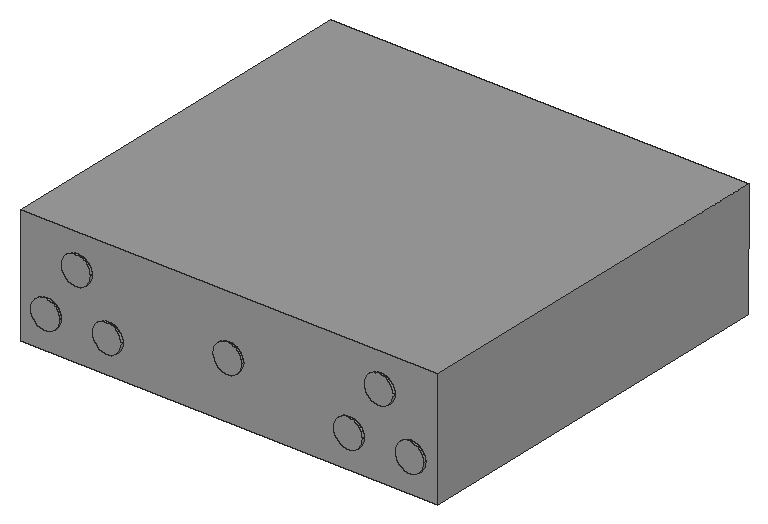
Revit family "Electrical_Equipment-Area_Controller-HCS-NXAC_Series", category Electrical Equipment, host Face, Revit 2014
Parameters (values of type "NXAC")
  zz Length 3 = 4.08"  # constant formula
  zz Length 2 = 14.51"  # constant formula
  zz Length 1 = 13.50"  # constant formula
  Weight = 8.44 kg  # constant formula
  Warranty = "Five-year limited"  # constant formula
  Voltage = "120V"
  URL = "https://www.hubbell.com/hubbellcontrolsolutions/en/"
  Type Comments = "Electrical Equipment"  # constant formula
  Relative Humidity = "0 to 95%"  # constant formula
  Product Page URL = "https://www.hubbell.com/hubbellcontrolsolutions/en/Products/Lighting-Controls/Lighting-Controls-Sensors/NX-Distributed-Intelligence-Lighting-Controls/NX-Area-Controller/p/220936"
  Product Documentation Link = "https://hubbellcdn.com/specsheet/3455A_NX_Area_Controller.pdf"
  Power Factor = 1
  Operating Temperature = "0°C to 40°C (32°F to 104°F)"  # constant formula
  Network Interface = "Ethernet 10 base-T via HubbNET™ network cable, integral 2-port Ethernet hub"  # constant formula
  Model = "NXAC Series"  # constant formula
  Manufacturer = "Hubbell Control Solutions"  # constant formula
  Load Classification = Power
  Keynote = ""
  Frequency = 60 Hz
  Device Material = Hubbell - Gray
  Description = "NX Area Controller"  # constant formula
  Default Elevation = 48.00"
  Create Date = "04/12/2018"  # constant formula
  Copyright = "Copyright © Hubbell Control Solutions"  # constant formula
  Contact Us = "https://www.hubbell.com/hubbellcontrolsolutions/en/contactUs?productId=220945"
  Construction = "NEMA1 metal enclosure"  # constant formula
  Connector Description 2 = "Controls"  # constant formula
  Connector Description 1 = "Power Supply"  # constant formula
  Certifications = "UL916, UL924 and cUL"  # constant formula
  Assembly Code = "D50"
  Apparent Load = 0.000 VA
Reference planes (in)
  plane 1 "Center (Front/Back)": y = 0
  plane 2 "Bottom": z = 0
  plane 3 "Center (Left/Right)": x = 0
  plane 4: y = 6.75
  plane 5: y = -6.75
  plane 6: x = -7.255
  plane 7: x = 7.255
  plane 8: z = 4.08
  plane 9: y = 5.25
  plane 10: y = -5.25
  plane 11: x = -5.755
  plane 12: x = 5.755
  plane 13: y = 6.8125
  plane 14: y = -6.8125
  plane 15: x = 3.45347
  plane 16: x = 4.95347
  plane 17: y = 2.125
  plane 18: y = -2.125
  plane 19: z = 2.04
  plane 20: z = 2.04
Forms (in)
  Extrusion 1, solid, material "Hubbell - Gray" <- "Device Material"
    sketch origin (0, 0, 0.09375) x (0, -1, 0) y (1, 0, 0)
      loop
        line (-6.75, -7.255) -> (6.75, -7.255) -> (6.75, 7.255) -> (-6.75, 7.255) -> (-6.75, -7.255)
    from -0.09375 to 3.98625
  Extrusion 2, solid, material "Hubbell - Gray" <- "Device Material", detail levels fine
    sketch origin (0, 0, 0) x (1, 0, 0) y (0, 0, 1)
      loop
        circle (0, 2.04) r 0.5
      loop
        circle (-5.26324, 2.92646) r 0.5
      loop
        circle (-6.33385, 1.18812) r 0.5
      loop
        circle (-4.19262, 1.18812) r 0.5
      loop
        circle (5.26324, 2.92646) r 0.5
      loop
        circle (6.33385, 1.18812) r 0.5
      loop
        circle (4.19262, 1.18812) r 0.5
    from 6.75 to 6.8125
  Extrusion 3, solid, material "Hubbell - Gray" <- "Device Material", detail levels fine
    sketch origin (0, 0, 0) x (1, 0, 0) y (0, 0, -1)
      loop
        circle (0, -2.04) r 0.5
      loop
        circle (-5.26324, -2.92646) r 0.5
      loop
        circle (-6.33385, -1.18812) r 0.5
      loop
        circle (-4.19262, -1.18812) r 0.5
      loop
        circle (5.26324, -2.92646) r 0.5
      loop
        circle (6.33385, -1.18812) r 0.5
      loop
        circle (4.19262, -1.18812) r 0.5
    from 6.75 to 6.8125
Lines and regions (in)
  model lines, style "NXAC", detail levels medium+fine
    curve 1: line (-5.755, 5.25, 4.08) -> (5.755, 5.25, 4.08)
    curve 2: line (-5.755, -5.25, 4.08) -> (-5.755, 5.25, 4.08)
    curve 3: line (5.755, -5.25, 4.08) -> (-5.755, -5.25, 4.08)
    curve 4: line (5.755, 5.25, 4.08) -> (5.755, -5.25, 4.08)
  model lines, style "NXAC", detail levels fine
    curve 5: line (3.45347, 2.125, 4.08) -> (4.95347, 2.125, 4.08)
    curve 6: line (3.45347, -2.125, 4.08) -> (3.45347, 2.125, 4.08)
    curve 7: line (4.95347, -2.125, 4.08) -> (3.45347, -2.125, 4.08)
    curve 8: line (4.95347, 2.125, 4.08) -> (4.95347, -2.125, 4.08)
  symbolic lines
    curve 9: line (-7.255, 6.75, 0.09375) -> (7.255, 6.75, 0.09375)
    curve 10: line (-7.255, -6.75, 0.09375) -> (-7.255, 6.75, 0.09375)
    curve 11: line (7.255, -6.75, 0.09375) -> (-7.255, -6.75, 0.09375)
    curve 12: line (7.255, 6.75, 0.09375) -> (7.255, -6.75, 0.09375)
    curve 13: line (0, 6.75, 4.08) -> (0, -6.75, 4.08)
    curve 14: line (0, 6.75, 0) -> (0, 6.75, 4.08)
    curve 15: line (0, -6.75, 0) -> (0, 6.75, 0)
    curve 16: line (0, -6.75, 4.08) -> (0, -6.75, 0)
    curve 17: line (-7.255, 0, 4.08) -> (7.255, 0, 4.08)
    curve 18: line (-7.255, 0, 0) -> (-7.255, 0, 4.08)
    curve 19: line (7.255, 0, 0) -> (-7.255, 0, 0)
    curve 20: line (7.255, 0, 4.08) -> (7.255, 0, 0)
    curve 21: circle (-6.33385, 0, 1.18812) r 0.5 normal (0, -1, 0)
    curve 22: circle (-5.26324, 0, 2.92646) r 0.5 normal (0, -1, 0)
    curve 23: circle (-4.19262, 0, 1.18812) r 0.5 normal (0, -1, 0)
    curve 24: circle (0, 0, 2.04) r 0.5 normal (0, -1, 0)
    curve 25: circle (5.26324, 0, 2.92646) r 0.5 normal (0, -1, 0)
    curve 26: circle (4.19262, 0, 1.18812) r 0.5 normal (0, -1, 0)
    curve 27: circle (6.33385, 0, 1.18812) r 0.5 normal (0, -1, 0)
Dimensions and locks (in)
  equal spacing: plane 4, plane 1 "Center (Front/Back)", plane 5
  "zz Length 1": plane 4 to plane 5
  "zz Length 2": plane 6 to plane 7
  equal spacing: plane 6, plane 3 "Center (Left/Right)", plane 7
  plane 6 to plane 7 = 14.51"
  "zz Length 3": plane 8 to plane 2 "Bottom"
  plane 4 to plane 9 = 1.50"
  plane 5 to plane 10 = 1.50"
  equal spacing: plane 11, plane 3 "Center (Left/Right)", plane 12, locked at 5.755 each
  locked: plane 13 to plane 4 at 0.0625
  locked: plane 14 to plane 5 at 0.0625
  equal spacing: plane 18, plane 1 "Center (Front/Back)", plane 17, locked at 2.125 each
  locked: plane 15 to plane 16 at 1.5
  locked: plane 16 to plane 12 at 0.80153
  equal spacing: plane 9, plane 1 "Center (Front/Back)", plane 10, locked at 5.25 each
  equal spacing: plane 8, plane 19, plane 2 "Bottom", locked at 2.04 each
  aligned and locked: plane 2 "Bottom" to host face
  aligned and locked: level to host face
  aligned and locked: Extrusion 1 sketch curve to plane 4
  aligned and locked: Extrusion 1 sketch curve to plane 6
  aligned and locked: Extrusion 1 sketch curve to plane 5
  aligned and locked: Extrusion 1 sketch curve to plane 7
  aligned and locked: Extrusion 1 to plane 2 "Bottom"
  aligned and locked: plane 8 to Extrusion 1
  aligned and locked: curve 1 to plane 9
  aligned and locked: curve 2 to plane 11
  aligned and locked: curve 3 to plane 10
  aligned and locked: curve 4 to plane 12
  aligned and locked: curve 9 to Extrusion 1
  aligned and locked: curve 10 to Extrusion 1
  aligned and locked: curve 11 to Extrusion 1
  aligned and locked: curve 12 to Extrusion 1
  aligned and locked: curve 13 to Extrusion 1
  aligned and locked: curve 14 to Extrusion 1
  aligned and locked: curve 15 to Extrusion 1
  aligned and locked: curve 16 to Extrusion 1
  aligned and locked: curve 17 to Extrusion 1
  aligned and locked: curve 18 to Extrusion 1
  aligned and locked: curve 19 to Extrusion 1
  aligned and locked: curve 20 to Extrusion 1
  aligned and locked: plane 15 to curve 6
  aligned and locked: curve 8 to plane 16
  aligned and locked: plane 17 to curve 5
  aligned and locked: plane 18 to curve 7
  aligned and locked: Extrusion 2 to plane 5
  aligned and locked: plane 14 to Extrusion 2
Automatic sketch dimensions
  host sketch curve to host sketch curve = 96.00"  (x2)
  Extrusion 2 sketch curve to plane 3 "Center (Left/Right)" = 0.00"
  Extrusion 2 sketch curve to plane 19 = 0.00"
  Extrusion 2 sketch curve to plane 11 = 1.56238"
  Extrusion 2 sketch curve to plane 11 = 0.49176"
  plane 11 to Extrusion 2 sketch curve = 0.57885"
  plane 15 to Extrusion 2 sketch curve = 0.73916"
  plane 16 to Extrusion 2 sketch curve = 0.30977"
  plane 12 to Extrusion 2 sketch curve = 0.57885"
  Extrusion 2 sketch curve to plane 19 = 0.85188"  (x4)
  plane 19 to Extrusion 2 sketch curve = 0.88646"  (x2)
  Extrusion 3 sketch curve to plane 3 "Center (Left/Right)" = 0.00"
  Extrusion 3 sketch curve to plane 20 = 0.00"
  Extrusion 3 sketch curve to plane 11 = 1.56238"
  Extrusion 3 sketch curve to plane 11 = 0.49176"
  plane 11 to Extrusion 3 sketch curve = 0.57885"
  plane 15 to Extrusion 3 sketch curve = 0.73916"
  plane 16 to Extrusion 3 sketch curve = 0.30977"
  plane 12 to Extrusion 3 sketch curve = 0.57885"
  plane 20 to Extrusion 3 sketch curve = 0.88646"  (x2)
  Extrusion 3 sketch curve to plane 20 = 0.85188"  (x4)
  curve 24 to plane 3 "Center (Left/Right)" = 0.00"
  plane 11 to curve 21 = 0.57885"
  curve 22 to plane 11 = 0.49176"
  curve 23 to plane 11 = 1.56238"
  plane 15 to curve 26 = 0.73916"
  plane 16 to curve 25 = 0.30977"
  plane 12 to curve 27 = 0.57885"
  level to curve 23 = 1.18812"
  level to curve 26 = 1.18812"
  level to curve 21 = 1.18812"
  level to curve 27 = 1.18812"
  level to curve 24 = 2.04"
  curve 22 to plane 8 = 1.15354"
  curve 25 to plane 8 = 1.15354"
  radius of Extrusion 2 sketch curve = 0.50"  (x7)
  radius of Extrusion 3 sketch curve = 0.50"  (x7)
  radius of curve 21 = 0.50"
  radius of curve 22 = 0.50"
  radius of curve 23 = 0.50"
  radius of curve 24 = 0.50"
  radius of curve 25 = 0.50"
  radius of curve 26 = 0.50"
  radius of curve 27 = 0.50"
Connectors (in)
  electrical at (0, 0, 0), driven by "Apparent Load", driven by "Load Classification", driven by "Power Factor", driven by "Connector Description 1", driven by "Apparent Load"
    settings: on Extrusion 1, index 1, voltage 120 V, apparent load 0.000 VA, apparent load phase1 0.000 VA, apparent load phase2 0.000 VA, apparent load phase3 0.000 VA, power factor 1, load classification "Power", number of poles 1, system type 30, power factor state 1, is connector primary yes, connector utility no, sub classification motor no, connector description "Power Supply"
  cabletrayconduit at (-6.33385, -6.8125, 1.18812), diameter 1
    settings: on Extrusion 2, index 3, connector width 12.00", connector height 12.00", connector angle 0.00°, system type 32, placement type 0, profile type 0, connector reference index -1, is primary connector yes, connector utility param no, connector description ""
  cabletrayconduit at (-5.26324, -6.8125, 2.92646), diameter 1
    settings: on Extrusion 2, index 4, connector width 12.00", connector height 12.00", connector angle 0.00°, system type 32, placement type 0, profile type 0, connector reference index -1, is primary connector no, connector utility param no, connector description ""
  cabletrayconduit at (-4.19262, -6.8125, 1.18812), diameter 1
    settings: on Extrusion 2, index 5, connector width 12.00", connector height 12.00", connector angle 0.00°, system type 32, placement type 0, profile type 0, connector reference index -1, is primary connector no, connector utility param no, connector description ""
  cabletrayconduit at (0, -6.8125, 2.04), diameter 1
    settings: on Extrusion 2, index 6, connector width 12.00", connector height 12.00", connector angle 0.00°, system type 32, placement type 0, profile type 0, connector reference index -1, is primary connector no, connector utility param no, connector description ""
  cabletrayconduit at (4.19262, -6.8125, 1.18812), diameter 1
    settings: on Extrusion 2, index 7, connector width 12.00", connector height 12.00", connector angle 0.00°, system type 32, placement type 0, profile type 0, connector reference index -1, is primary connector no, connector utility param no, connector description ""
  cabletrayconduit at (5.26324, -6.8125, 2.92646), diameter 1
    settings: on Extrusion 2, index 8, connector width 12.00", connector height 12.00", connector angle 0.00°, system type 32, placement type 0, profile type 0, connector reference index -1, is primary connector no, connector utility param no, connector description ""
  cabletrayconduit at (6.33385, -6.8125, 1.18812), diameter 1
    settings: on Extrusion 2, index 9, connector width 12.00", connector height 12.00", connector angle 0.00°, system type 32, placement type 0, profile type 0, connector reference index -1, is primary connector no, connector utility param no, connector description ""
  cabletrayconduit at (6.33385, 6.8125, 1.18812), diameter 1
    settings: on Extrusion 3, index 10, connector width 12.00", connector height 12.00", connector angle 0.00°, system type 32, placement type 0, profile type 0, connector reference index -1, is primary connector no, connector utility param no, connector description ""
  cabletrayconduit at (5.26324, 6.8125, 2.92646), diameter 1
    settings: on Extrusion 3, index 11, connector width 12.00", connector height 12.00", connector angle 0.00°, system type 32, placement type 0, profile type 0, connector reference index -1, is primary connector no, connector utility param no, connector description ""
  cabletrayconduit at (4.19262, 6.8125, 1.18812), diameter 1
    settings: on Extrusion 3, index 12, connector width 12.00", connector height 12.00", connector angle 0.00°, system type 32, placement type 0, profile type 0, connector reference index -1, is primary connector no, connector utility param no, connector description ""
  cabletrayconduit at (0, 6.8125, 2.04), diameter 1
    settings: on Extrusion 3, index 13, connector width 12.00", connector height 12.00", connector angle 0.00°, system type 32, placement type 0, profile type 0, connector reference index -1, is primary connector no, connector utility param no, connector description ""
  cabletrayconduit at (-4.19262, 6.8125, 1.18812), diameter 1
    settings: on Extrusion 3, index 14, connector width 12.00", connector height 12.00", connector angle 0.00°, system type 32, placement type 0, profile type 0, connector reference index -1, is primary connector no, connector utility param no, connector description ""
  cabletrayconduit at (-5.26324, 6.8125, 2.92646), diameter 1
    settings: on Extrusion 3, index 15, connector width 12.00", connector height 12.00", connector angle 0.00°, system type 32, placement type 0, profile type 0, connector reference index -1, is primary connector no, connector utility param no, connector description ""
  cabletrayconduit at (-6.33385, 6.8125, 1.18812), diameter 1
    settings: on Extrusion 3, index 16, connector width 12.00", connector height 12.00", connector angle 0.00°, system type 32, placement type 0, profile type 0, connector reference index -1, is primary connector no, connector utility param no, connector description ""
